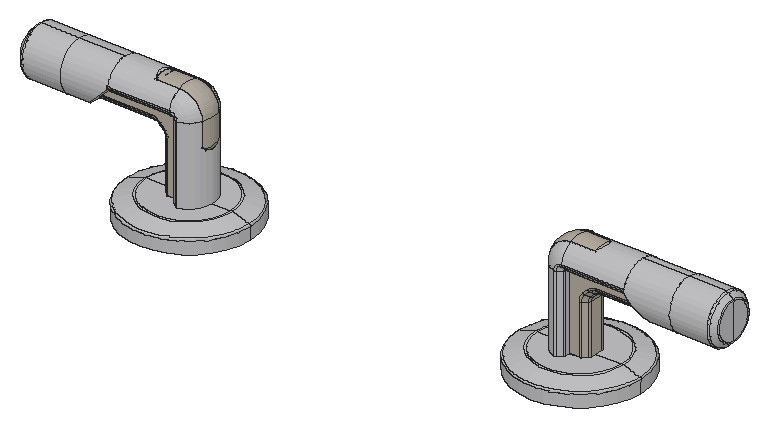
Revit family "Faucet-Wall_Mount-Handle-KALLISTA-Vice-P34587-1", category Plumbing Fixtures, host Face, Revit 2021
Family settings
  Host = Face
  Round Connector Dimension = Use Diameter
  Part Type = Normal
  OmniClass Number = 23.31.11.00
  OmniClass Title = Faucets
  Cut with Voids When Loaded = No
  Shared = No
  Room Calculation Point = No
Parameters (values of type "Brushed Bronze, CP-Chrome")
  Width = Faucet Hole Spacing  # 203.200 mm
  WaterSense Certified = 1 = 0  # no
  Waste Water Outlet = "Waste Water Outlet"  # constant formula
  Waste Connection = 1 = 0  # no
  Vent Connection = 1 = 0  # no
  URL = "https://www.kallista.com/"
  Type = 1
  Secondary Finish = Kallista-Plastic-BV-Brushed_Bronze
  Product Page URL = ""
  Product Name = "Vice"  # constant formula
  Product Documentation Link = ""
  Pressure = 0.00 psi
  Model = if(Type = 1, "P34587-BV-CP", if(Type = 2, "P34587-CP-CP", if(Type = 3, "P34587-BN-SN", if(Type = 4, "P34587-BAF-AF", if(Type = 5, "P34587-BN-BGP", "NA")))))  # "P34587-BV-CP"
  Material = "Premium Metal Construction"  # constant formula
  Master Format 2014 Name = "Residential Faucets, Supplies, and Trim"  # constant formula
  Master Format 2014 = "22 41 39"  # constant formula
  Manufacturer Address = "444 Highland Dr, Kohler, WI 53044"  # constant formula
  Manufacturer = "Kallista Co."  # constant formula
  Length = 63.200 mm  # constant formula
  Hot Water Inlet = "Hot Water Inlet"  # constant formula
  Height = 64.000 mm  # constant formula
  Handle Clearance = 80.000 mm  # constant formula
  HW Connection = 1 = 1  # yes
  Flow Rate = 0 GPM
  Finish = Kallista-Metal-CP-Chrome
  Faucet Hole Spacing = 203.200 mm  # constant formula
  Environmental Product Declaration = ""
  Drain Included = 1 = 0  # no
  Description = "Wall Mount Bath Faucet Handles, Lavatory"  # constant formula
  Default Elevation = 914.400 mm
  Declare Label = ""
  Date Modified = "04/29/2024"  # constant formula
  Date Created = "04/29/2024"  # constant formula
  Copyright = "Copyright Kallista Co."  # constant formula
  Contact Us = "https://www.kallista.com/corporate/contact-us/"
  Cold Water Inlet = "Cold Water Inlet"  # constant formula
  CW Connection = 1 = 1  # yes
  Assembly Code = "D2010"
  ADA Compliant = 1 = 0  # no
Types (6, lengths in mm): name | Type | Secondary Finish | Model | Finish
  (no name) | 1 | Kallista-Plastic-BV-Brushed_Bronze | "P34587-BV-CP" | Kallista-Metal-CP-Chrome
  Brushed Bronze, CP-Chrome | 1 | Kallista-Plastic-BV-Brushed_Bronze | "P34587-BV-CP" | Kallista-Metal-CP-Chrome
  Chrome, CP-Chrome | 2 | Kallista-Metal-CP-Chrome | "P34587-CP-CP" | Kallista-Metal-CP-Chrome
  Vibrant Bruhsed Nickel, SN-Polished Nickel | 3 | Kallista-Plastic-BN-Vibrant_Brushed_Nickel | "P34587-BN-SN" | Kallista-Metal-SN-Polished_Nickel
  Brushed French Gold, AF-French Gold | 4 | Kallista-Plastic-BAF-Brushed_French_Gold | "P34587-BAF-AF" | Kallista-Metal-AF-French_Gold
  Vibrant Brushed Nickel, BGP | 5 | Kallista-Plastic-BN-Vibrant_Brushed_Nickel | "P34587-BN-BGP" | Kallista-Metal-BGP
Reference planes
  plane 1 "Center (Front/Back)": y = 0
  plane 2: z = 0
  plane 3 "Center (Left/Right)": x = 0
  plane 4: x = -101.6
  plane 5: x = 101.6
  plane 6: y = 32
  plane 7: y = -32
  plane 8: x = -181.6
  plane 9: x = -69.6
  plane 10: x = -133.6
  plane 11: y = 12.7
  plane 12: y = -12.7
  plane 13: x = 69.6
  plane 14: x = 181.6
  plane 15: x = 133.6
  plane 16: z = 63.2
  plane 17: z = 10
Dimensions and locks
  equal spacing: plane 4, plane 3 "Center (Left/Right)", plane 5  (x2)
  "Width": plane 4 to plane 5
  "Handle Clearance": plane 14 to plane 5
  "Handle Clearance": plane 8 to plane 4
  level to plane 16 = 63.200 mm
  level to plane 17 = 10.000 mm
  locked: plane 4 to plane 10 at 32
  locked: plane 9 to plane 10 at 64
  locked: plane 13 to plane 5 at 32
  locked: plane 15 to plane 13 at 64
  "Height": plane 6 to plane 7
  "Length": plane 16 to level
  plane 11 to plane 12 = 25.400 mm
  aligned and locked: plane 2 to host face
  aligned and locked: level to host face
  aligned and locked: plane 4 to nested 1
  aligned and locked: plane 1 "Center (Front/Back)" to nested 1
  aligned and locked: nested 2 to plane 5
  aligned and locked: plane 16 to nested 1
Automatic sketch dimensions
  host sketch curve to host sketch curve = 2438.400 mm  (x2)
Nested families
  nested 1: "P34587" at (-101.6, 0, 0) x (0, -1, 0) z (0, 0, 1), type "P34587"
  nested 2: "P34587" at (101.6, 0, 0) x (0, -1, 0) z (0, 0, 1), type "P34587"
Connectors
  piping at (-101.6, 0, 0), diameter 12.7, driven by "HW Connection", driven by "Hot Water Inlet"
    settings: on nested 1, index 1, connector inside diameter 24", connector length 0.000 mm, flow factor 0, pipe flow 0 GPM, pressure drop 0.00 psi, fitting loss kfactor 0, connector angle 0.00°, fixture units 0, engagement length 0.000 mm, angle of deflection 0.00°, flow configuration 0, flow direction 1, fitting loss method 0, system type 19, joint type 0, gender type 0, connector reference index -1, connector utility 1, adjustable connector no, is connector primary yes, connector description "Hot Water Inlet"
  piping at (101.6, 0, 0), diameter 12.7, driven by "CW Connection", driven by "Cold Water Inlet"
    settings: on nested 2, index 2, connector inside diameter 24", connector length 0.000 mm, flow factor 0, pipe flow 0 GPM, pressure drop 0.00 psi, fitting loss kfactor 0, connector angle 0.00°, fixture units 0, engagement length 0.000 mm, angle of deflection 0.00°, flow configuration 0, flow direction 1, fitting loss method 0, system type 20, joint type 0, gender type 0, connector reference index -1, connector utility 1, adjustable connector no, is connector primary no, connector description "Cold Water Inlet"
Definition of nested family "P34587"
  Parameters
    Secondary Finish = none
    Material = none
    Default Elevation = 0.000 mm
  Reference planes
    plane 1 "Center (Front/Back)": y = 0
    plane 2: z = 0
    plane 3 "Center (Left/Right)": x = 0
    plane 4: y = 32
    plane 5: y = -32
    plane 6: y = -80
    plane 7: z = 63.2
    plane 8: x = -32
    plane 9: x = 32
    plane 10: x = -12.7
    plane 11: x = 12.7
    plane 12: z = 10
  Forms (mm)
    Revolve 1, solid, material <- "Material", detail levels medium+fine
      sketch origin (0, 0, 0) x (0, 1, 0) y (0, 0, 1)
        loop
          line (32, 0) -> (32, 6.272)
          arc (32, 6.272) -> (31.808, 6.854) -> (31.308, 7.207) r 0.978
          line (31.308, 7.207) -> (22.671, 9.848)
          arc (22.671, 9.848) -> (22.167, 9.962) -> (21.652, 10) r 3.484
          line (21.652, 10) -> (6.509, 10) -> (6.509, 10.79) -> (0, 10.79) -> (0, 0) -> (32, 0)
        axis (0, 10.79) -> (0, 0)
      angle from 0 to 360
    Sweep 2, solid, material <- "Secondary Finish", detail levels medium+fine
      path origin (0, 0, 0) x (0, 1, 0) y (0, 0, 1)
        loop
          line (-8.792, 10.503) -> (-8.792, 36.451)
          arc (-8.792, 36.451) -> (-9.016, 37.575) -> (-9.653, 38.529) r 2.939
          line (-9.653, 38.529) -> (-12.064, 40.94)
          arc (-12.064, 40.94) -> (-12.862, 41.473) -> (-13.803, 41.66) r 2.459
          line (-13.803, 41.66) -> (-44.633, 41.66)
      profile origin (0, -29.218, 41.66) x (0, 0, -1) y (1, 0, 0)
        loop
          line (-8.858, -6.866) -> (-3.487, -6.866)
          arc (-3.487, -6.866) -> (-2.92, -6.754) -> (-2.439, -6.436) r 1.494
          line (-2.439, -6.436) -> (-0.433, -4.461)
          arc (-0.433, -4.461) -> (-0.113, -3.988) -> (0, -3.427) r 1.451
          line (0, -3.427) -> (0, 3.427)
          arc (0, 3.427) -> (-0.113, 3.988) -> (-0.433, 4.461) r 1.451
          line (-0.433, 4.461) -> (-2.439, 6.436)
          arc (-2.439, 6.436) -> (-2.92, 6.754) -> (-3.487, 6.866) r 1.494
          line (-3.487, 6.866) -> (-8.858, 6.866) -> (-8.858, -6.866)
    Extrusion 3, solid, material <- "Secondary Finish", detail levels medium+fine
      sketch origin (0, 0, 0) x (0, 1, 0) y (0, 0, 1)
        loop
          line (-6.022, 46.982) -> (-3.617, 44.576)
          arc (-3.617, 44.576) -> (-1.102, 40.849) -> (-0.164, 36.451) r 11.796
          line (-0.164, 36.451) -> (2.018, 36.451) -> (2.018, 52.033) -> (-13.803, 52.033) -> (-13.803, 50.294)
          arc (-13.803, 50.294) -> (-9.592, 49.392) -> (-6.022, 46.982) r 11.317
      from -6.866 to 6.866
    Sweep 4, solid, material <- "Material", detail levels medium+fine
      path origin (0, 0, 0) x (0, 1, 0) y (0, 0, 1)
        loop
          line (12.692, 10.503) -> (12.692, 50.2)
          arc (12.692, 50.2) -> (8.885, 59.392) -> (-0.308, 63.2) r 13
          line (-0.308, 63.2) -> (-35.308, 63.2)
      profile origin (0, 12.692, 30.351) x (0, -1, 0) y (1, 0, 0)
        loop
          arc (9.157, 12.2) -> (-0.006, -0.058) -> (9.273, -12.228) r 12.7
          arc (9.273, -12.228) -> (9.696, -12.237) -> (10.071, -12.041) r 0.85
          line (10.071, -12.041) -> (12.332, -10.005)
          arc (12.332, -10.005) -> (12.593, -9.646) -> (12.685, -9.211) r 1.069
          line (12.685, -9.211) -> (12.685, 9.259)
          arc (12.685, 9.259) -> (12.597, 9.674) -> (12.348, 10.017) r 1.02
          line (12.348, 10.017) -> (10.186, 11.964)
          arc (10.186, 11.964) -> (9.702, 12.215) -> (9.157, 12.2) r 1.086
    Extrusion 5, solid, material <- "Material", detail levels medium+fine
      sketch origin (0, 0, 0) x (1, 0, 0) y (0, 0, 1)
        loop
          circle (0.002, 50.506) r 12.7
      from 32.766 to 56.668
    Revolve 6, solid, material <- "Material", detail levels medium+fine
      sketch origin (0.002, 0, 0) x (0, 1, 0) y (0, 0, 1)
        loop
          line (-56.668, 50.506) -> (-56.668, 63.206) -> (-76.453, 63.206)
          arc (-76.453, 63.206) -> (-76.949, 63.108) -> (-77.369, 62.827) r 1.295
          line (-77.369, 62.827) -> (-79.697, 60.499)
          arc (-79.697, 60.499) -> (-79.923, 60.161) -> (-80.002, 59.762) r 1.042
          line (-80.002, 59.762) -> (-80.002, 50.506) -> (-56.668, 50.506)
        axis (-56.668, 50.506) -> (-80.002, 50.506)
      angle from 0 to 360
    Extrusion 7, void
      sketch origin (0, 0, 0) x (0, 1, 0) y (0, 0, 1)
        loop
          line (-32.667, 52.664) -> (-49.816, 35.515) -> (-27.143, 35.515) -> (-27.143, 52.664) -> (-32.667, 52.664)
      from -24.85 to 19.15
    Sweep 8, solid, material <- "Secondary Finish", detail levels medium+fine
      path origin (0, 0, 0) x (0, 1, 0) y (0, 0, 1)
        loop
          arc (-14.946, 61.722) -> (-14.027, 62.675) -> (-12.75, 63.025) r 2.5
          line (-12.75, 63.025) -> (-0.103, 63.025)
          arc (-0.103, 63.025) -> (8.796, 59.339) -> (12.483, 50.44) r 12.586
          line (12.483, 50.44) -> (12.483, 37.238)
          arc (12.483, 37.238) -> (12.063, 35.851) -> (10.944, 34.93) r 2.5
      profile origin (0, -6.427, 63.025) x (0, 0, 1) y (1, 0, 0)
        loop
          line (-1.353, 5.712) -> (-2.306, 5.712) -> (-2.306, -5.677) -> (-1.412, -5.677)
          arc (-1.412, -5.677) -> (0, 0.01) -> (-1.353, 5.712) r 12.414
    Extrusion 9, solid, material <- "Material"
      sketch origin (0, 0, 0) x (1, 0, 0) y (0, 1, 0)
        loop
          circle (0, 0) r 2
      from 0 to 0.309
    Revolve 10, solid, material <- "Material", detail levels coarse
      sketch origin (0, 0, 0) x (0, 1, 0) y (0, 0, 1)
        loop
          line (32, 0) -> (32, 6.995) -> (22.173, 10) -> (6.509, 10) -> (6.509, 10.79) -> (0, 10.79) -> (0, 0) -> (32, 0)
        axis (0, 10.79) -> (0, 0)
      angle from 0 to 360
    Extrusion 11, solid, material <- "Material", detail levels coarse
      sketch origin (0, 0, 0) x (1, 0, 0) y (0, 0, 1)
        loop
          circle (0.002, 50.506) r 12.7
      from 32.766 to 80
    Sweep 12, solid, material <- "Material", detail levels coarse
      path origin (0, 0, 0) x (0, 1, 0) y (0, 0, 1)
        loop
          line (12.246, 10.5) -> (12.246, 50.2)
          arc (12.246, 50.2) -> (8.438, 59.392) -> (-0.754, 63.2) r 13
          line (-0.754, 63.2) -> (-32.766, 63.2)
      profile origin (0, -16.76, 63.2) x (0, 0, -1) y (1, 0, 0)
        loop
          arc (12.694, 12.702) -> (-0.006, 0.002) -> (12.694, -12.698) r 12.7
          line (12.694, -12.698) -> (12.694, 12.702)
    Extrusion 13, solid, material <- "Secondary Finish", detail levels coarse
      sketch origin (0, 0, 0) x (0, 1, 0) y (0, 0, 1)
        loop
          arc (-13.803, 41.66) -> (-12.862, 41.473) -> (-12.064, 40.94) r 2.459
          line (-12.064, 40.94) -> (-9.653, 38.529)
          arc (-9.653, 38.529) -> (-9.016, 37.575) -> (-8.792, 36.451) r 2.939
          line (-8.792, 36.451) -> (-8.792, 10.5) -> (-0.448, 10.5) -> (-0.448, 50.506) -> (-43.989, 50.506) -> (-43.989, 41.66) -> (-13.803, 41.66)
      from -6.866 to 6.866
    Extrusion 14, void
      sketch origin (0, 0, 0) x (0, 1, 0) y (0, 0, 1)
        loop
          line (-34.824, 50.506) -> (-51.973, 33.357) -> (-27.143, 33.357) -> (-27.143, 50.506) -> (-34.824, 50.506)
      from 17.706 to -17.554
    Sweep 15, void
      path origin (0, -0.312, -0.312) x (0, 1, 0) y (0, 0, 1)
        loop
          arc (-15.285, 63.878) -> (-12.689, 62.077) -> (-9.594, 61.443) r 7.868
          line (-9.594, 61.443) -> (-0.142, 61.443)
          arc (-0.142, 61.443) -> (7.718, 58.188) -> (10.973, 50.328) r 11.115
          line (10.973, 50.328) -> (10.973, 40.956)
          arc (10.973, 40.956) -> (11.535, 37.861) -> (13.147, 35.161) r 8.812
      profile origin (0, -5.18, 61.131) x (0, 0, 1) y (1, 0, 0)
        loop
          line (0, 5.712) -> (0, -5.677) -> (2.435, -5.677) -> (2.435, 5.712) -> (0, 5.712)
    Sweep 16, void
      path origin (0, 0.001, -0.013) x (0, 1, 0) y (0, 0, 1)
        loop
          arc (-15.285, 63.878) -> (-12.689, 62.077) -> (-9.594, 61.443) r 7.868
          line (-9.594, 61.443) -> (-0.142, 61.443)
          arc (-0.142, 61.443) -> (7.718, 58.188) -> (10.973, 50.328) r 11.115
          line (10.973, 50.328) -> (10.973, 40.956)
          arc (10.973, 40.956) -> (11.535, 37.861) -> (13.147, 35.161) r 8.812
      profile origin (0, -4.867, 61.43) x (0, 0, 1) y (1, 0, 0)
        loop
          line (0, 5.712) -> (0, -5.677) -> (1.916, -5.677) -> (1.916, 5.712) -> (0, 5.712)
    Sweep 17, solid, material <- "Secondary Finish", detail levels coarse
      path origin (0, -0.312, 0) x (0, 1, 0) y (0, 0, 1)
        loop
          arc (-14.946, 61.722) -> (-14.027, 62.675) -> (-12.75, 63.025) r 2.5
          line (-12.75, 63.025) -> (-0.103, 63.025)
          arc (-0.103, 63.025) -> (8.796, 59.339) -> (12.483, 50.44) r 12.586
          line (12.483, 50.44) -> (12.483, 37.238)
          arc (12.483, 37.238) -> (12.063, 35.851) -> (10.944, 34.93) r 2.5
      profile origin (0, -6.739, 63.025) x (0, 0, 1) y (1, 0, 0)
        loop
          line (-1.353, 5.712) -> (-2.306, 5.712) -> (-2.306, -5.677) -> (-1.412, -5.677)
          arc (-1.412, -5.677) -> (0, 0.01) -> (-1.353, 5.712) r 12.414
    Extrusion 18, void
      sketch origin (0, 0, 0) x (0, 1, 0) y (0, 0, 1)
        loop
          line (-32.715, 52.615) -> (-50.961, 52.615) -> (-50.961, 34.369) -> (-32.715, 52.615)
      from -16.798 to 18.134
  Cuts and joins
    Extrusion 18 cuts Sweep 2
    joined: Sweep 2, Extrusion 3
    Sweep 16 cuts Sweep 4
    Extrusion 7 cuts Extrusion 5
    joined: Revolve 1, Sweep 4, Extrusion 5, Revolve 6
    Extrusion 14 cuts Extrusion 11
    Sweep 15 cuts Sweep 12
    joined: Revolve 10, Extrusion 11, Sweep 12
    Extrusion 18 cuts Extrusion 13
    joined: Extrusion 13, Sweep 17
  Lines and regions (mm)
    Masking region 1
      outline origin (0, 0, 0) x (1, 0, 0) y (0, 1, 0)
        loop
          arc (-12.7, -76.551) -> (-12.612, -76.986) -> (-12.363, -77.353) r 1.121
          line (-12.363, -77.353) -> (-10.02, -79.695)
          arc (-10.02, -79.695) -> (-9.683, -79.921) -> (-9.285, -80) r 1.04
          line (-9.285, -80) -> (9.285, -80)
          arc (9.285, -80) -> (9.683, -79.921) -> (10.02, -79.695) r 1.04
          line (10.02, -79.695) -> (12.363, -77.353)
          arc (12.363, -77.353) -> (12.612, -76.986) -> (12.7, -76.551) r 1.121
          line (12.7, -76.551) -> (12.7, -35.196)
          arc (12.7, -35.196) -> (12.431, -33.081) -> (12.254, -30.956) r 49.01
          line (12.254, -30.956) -> (12.254, -29.561)
          arc (12.254, -29.561) -> (26.609, -17.775) -> (32, -0.001) r 32
          arc (32, -0.001) -> (22.64, 22.615) -> (0.034, 32) r 32
          arc (0.034, 32) -> (-22.63, 22.625) -> (-32, -0.04) r 32
          arc (-32, -0.04) -> (-26.598, -17.791) -> (-12.254, -29.561) r 32
          line (-12.254, -29.561) -> (-12.254, -30.956)
          arc (-12.254, -30.956) -> (-12.431, -33.081) -> (-12.7, -35.196) r 49.01
          line (-12.7, -35.196) -> (-12.7, -76.551)
    Masking region 2
      outline origin (0, 0, 0) x (1, 0, 0) y (0, 0, 1)
        loop
          line (-32, 0) -> (0, 0) -> (32, 0) -> (32, 6.29)
          arc (32, 6.29) -> (31.824, 6.828) -> (31.363, 7.158) r 0.909
          line (31.363, 7.158) -> (22.672, 9.797)
          arc (22.672, 9.797) -> (21.996, 9.949) -> (21.305, 10) r 4.704
          line (21.305, 10) -> (7.024, 10) -> (7.664, 10.5) -> (11.746, 10.5)
          arc (11.746, 10.5) -> (12.099, 10.646) -> (12.246, 11) r 0.5
          line (12.246, 11) -> (12.246, 47.247)
          arc (12.246, 47.247) -> (0, 63.2) -> (-12.246, 47.247) r 12.676
          line (-12.246, 47.247) -> (-12.246, 11)
          arc (-12.246, 11) -> (-12.099, 10.646) -> (-11.746, 10.5) r 0.5
          line (-11.746, 10.5) -> (-7.664, 10.5) -> (-7.024, 10) -> (-21.305, 10)
          arc (-21.305, 10) -> (-21.996, 9.949) -> (-22.672, 9.797) r 4.704
          line (-22.672, 9.797) -> (-31.363, 7.158)
          arc (-31.363, 7.158) -> (-31.824, 6.828) -> (-32, 6.29) r 0.909
          line (-32, 6.29) -> (-32, 0)
    Masking region 3
      outline origin (0, 0, 0) x (0, 1, 0) y (0, 0, 1)
        loop
          line (-14.712, 63.2) -> (-76.568, 63.2)
          arc (-76.568, 63.2) -> (-76.99, 63.116) -> (-77.349, 62.876) r 1.105
          line (-77.349, 62.876) -> (-79.638, 60.587)
          arc (-79.638, 60.587) -> (-79.906, 60.186) -> (-80, 59.713) r 1.235
          line (-80, 59.713) -> (-80, 41.29)
          arc (-80, 41.29) -> (-79.906, 40.817) -> (-79.638, 40.416) r 1.235
          line (-79.638, 40.416) -> (-77.349, 38.127)
          arc (-77.349, 38.127) -> (-77.026, 37.903) -> (-76.645, 37.806) r 1.105
          line (-76.645, 37.806) -> (-48.295, 37.806)
          arc (-48.295, 37.806) -> (-47.77, 37.908) -> (-47.321, 38.199) r 1.403
          line (-47.321, 38.199) -> (-41.992, 43.343) -> (-42.807, 42.528)
          arc (-42.807, 42.528) -> (-42.915, 41.985) -> (-42.454, 41.678) r 0.498
          line (-42.454, 41.678) -> (-13.89, 41.678)
          arc (-13.89, 41.678) -> (-12.904, 41.481) -> (-12.068, 40.923) r 2.577
          line (-12.068, 40.923) -> (-9.601, 38.457)
          arc (-9.601, 38.457) -> (-9.027, 37.597) -> (-8.825, 36.583) r 2.65
          line (-8.825, 36.583) -> (-8.825, 11.007)
          arc (-8.825, 11.007) -> (-8.68, 10.654) -> (-8.328, 10.509) r 0.498
          line (-8.328, 10.509) -> (-7.534, 10.509) -> (-6.692, 10) -> (-21.375, 10)
          arc (-21.375, 10) -> (-22.021, 9.953) -> (-22.653, 9.812) r 4.434
          line (-22.653, 9.812) -> (-31.322, 7.201)
          arc (-31.322, 7.201) -> (-31.812, 6.857) -> (-32, 6.289) r 0.953
          line (-32, 6.289) -> (-32, 0) -> (32, 0) -> (32, 6.23)
          arc (32, 6.23) -> (31.786, 6.874) -> (31.229, 7.261) r 1.075
          line (31.229, 7.261) -> (22.466, 9.843)
          arc (22.466, 9.843) -> (21.927, 9.96) -> (21.376, 10) r 3.858
          line (21.376, 10) -> (6.991, 10) -> (7.691, 10.509) -> (12.192, 10.509)
          arc (12.192, 10.509) -> (12.546, 10.655) -> (12.692, 11.009) r 0.5
          line (12.692, 11.009) -> (12.692, 35.755)
          arc (12.692, 35.755) -> (12.408, 36.242) -> (12.005, 36.635) r 2.096
          arc (12.005, 36.635) -> (12.354, 36.819) -> (12.493, 37.188) r 0.558
          line (12.493, 37.188) -> (12.493, 50.588)
          arc (12.493, 50.588) -> (8.858, 59.363) -> (0.082, 62.998) r 12.411
          line (0.082, 62.998) -> (-13.233, 62.998)
          arc (-13.233, 62.998) -> (-13.634, 62.869) -> (-13.886, 62.531) r 0.689
          arc (-13.886, 62.531) -> (-14.254, 62.921) -> (-14.712, 63.2) r 2.008
    symbolic lines, detail levels medium+fine
      curve 1: line (-12.254, -29.561, 0) -> (-12.254, 3.392, 0)
      curve 2: line (12.254, -29.561, 0) -> (12.254, 3.107, 0)
      curve 3: arc (-12.254, 3.392, 0) -> (-10.1, 7.661, 0) -> (-6.521, 10.831, 0) r 12.703
      curve 4: line (-6.521, -10.057, 0) -> (-6.521, 10.831, 0)
      curve 5: line (6.487, -10.317, 0) -> (6.487, 10.804, 0)
      curve 6: line (-2.012, -14.565, 0) -> (2.239, -14.565, 0)
      curve 7: arc (-2.012, -14.565, 0) -> (-5.201, -13.245, 0) -> (-6.521, -10.057, 0) r 4.509
      curve 8: arc (2.239, -14.565, 0) -> (5.243, -13.321, 0) -> (6.487, -10.317, 0) r 4.249
      curve 9: line (-5.807, -10.171, 0) -> (-5.807, 10.371, 0)
      curve 10: line (-1.819, -14.159, 0) -> (1.819, -14.159, 0)
      curve 11: arc (-1.819, -14.159, 0) -> (-4.639, -12.991, 0) -> (-5.807, -10.171, 0) r 3.988
      curve 12: line (5.807, -10.171, 0) -> (5.807, 10.371, 0)
      curve 13: arc (1.819, -14.159, 0) -> (4.639, -12.991, 0) -> (5.807, -10.171, 0) r 3.988
      curve 14: arc (-6.521, 10.831, 0) -> (-0.013, 12.609, 0) -> (6.487, 10.804, 0) r 12.703
      curve 15: arc (-5.807, 10.371, 0) -> (-6.039, 10.796, 0) -> (-6.521, 10.831, 0) r 0.505
      curve 16: arc (6.487, 10.804, 0) -> (10.128, 7.522, 0) -> (12.254, 3.107, 0) r 12.703
      curve 17: arc (5.807, 10.371, 0) -> (6.028, 10.774, 0) -> (6.487, 10.804, 0) r 0.478
      curve 18: line (-5.707, 10.816, 0) -> (-5.707, -10.028, 0)
      curve 19: line (-1.954, -13.781, 0) -> (1.954, -13.781, 0)
      curve 20: arc (-5.707, -10.028, 0) -> (-4.608, -12.682, 0) -> (-1.954, -13.781, 0) r 3.753
      curve 21: line (5.707, 10.816, 0) -> (5.707, -10.028, 0)
      curve 22: arc (5.707, -10.028, 0) -> (4.608, -12.682, 0) -> (1.954, -13.781, 0) r 3.753
      curve 23: arc (-5.707, 10.816, 0) -> (-5.626, 11.091, 0) -> (-5.41, 11.278, 0) r 0.509
      curve 24: line (-5.41, 11.278, 0) -> (-5.41, -9.952, 0)
      curve 25: arc (5.707, 10.816, 0) -> (5.626, 11.091, 0) -> (5.41, 11.278, 0) r 0.509
      curve 26: line (5.41, 11.278, 0) -> (5.41, -9.929, 0)
      curve 27: line (-2.138, -13.224, 0) -> (2.115, -13.224, 0)
      curve 28: arc (-5.41, -9.952, 0) -> (-4.451, -12.266, 0) -> (-2.138, -13.224, 0) r 3.272
      curve 29: arc (2.115, -13.224, 0) -> (4.445, -12.259, 0) -> (5.41, -9.929, 0) r 3.295
      curve 30: line (-12.7, -76.551, 0) -> (12.7, -76.551, 0)
      curve 31: line (12.363, -77.353, 0) -> (-12.363, -77.353, 0)
      curve 32: line (-10.02, -79.695, 0) -> (10.02, -79.695, 0)
      curve 33: arc (12.254, -28.726, 0) -> (0, 31.231, 0) -> (-12.254, -28.726, 0) r 31.231
      curve 34: arc (12.254, -17.35, 0) -> (0, 21.241, 0) -> (-12.254, -17.35, 0) r 21.241
      curve 35: arc (12.254, -19.13, 0) -> (0, 22.719, 0) -> (-12.254, -19.13, 0) r 22.719
      curve 36: line (-7.024, 0, 10) -> (7.024, 0, 10)
      curve 37: line (7.664, 0, 10.5) -> (-7.664, 0, 10.5)
      curve 38: line (-12.246, 0, 11) -> (12.246, 0, 11)
      curve 39: line (-22.672, 0, 9.797) -> (22.672, 0, 9.797)
      curve 40: line (31.363, 0, 7.158) -> (-31.363, 0, 7.158)
      curve 41: line (-32, 0, 6.29) -> (32, 0, 6.29)
      curve 42: arc (-12.246, 0, 47.247) -> (0, 0, 37.847) -> (12.246, 0, 47.247) r 12.676
      curve 43: circle (-0.004, 0, 50.502) r 10 normal (0, -1, 0)
      curve 44: circle (-0.004, 0, 50.502) r 12.272 normal (0, -1, 0)
      curve 45: circle (-0.004, 0, 50.502) r 9.178 normal (0, -1, 0)
      curve 46: line (-7.161, 0, 40.063) -> (-6.78, 0, 11)
      curve 47: line (-6.304, 0, 11) -> (-6.649, 0, 39.731)
      curve 48: line (-4.383, 0, 36.601) -> (4.389, 0, 36.601)
      curve 49: line (-4.383, 0, 36.601) -> (-6.624, 0, 37.646)
      curve 50: line (4.389, 0, 36.601) -> (6.624, 0, 37.643)
      curve 51: line (-4.383, 0, 11) -> (-4.383, 0, 38.629)
      curve 52: line (-3.488, 0, 11) -> (-3.488, 0, 38.337)
      curve 53: line (3.446, 0, 11) -> (3.446, 0, 38.325)
      curve 54: line (4.389, 0, 11) -> (4.389, 0, 38.631)
      curve 55: line (7.161, 0, 40.063) -> (6.78, 0, 11)
      curve 56: line (6.304, 0, 11) -> (6.649, 0, 39.731)
      curve 57: arc (-6.041, 0, 10.5) -> (-6.233, 0, 10.718) -> (-6.304, 0, 11) r 0.621
      curve 58: arc (-6.78, 0, 11) -> (-6.724, 0, 10.73) -> (-6.571, 0, 10.5) r 0.727
      curve 59: arc (6.041, 0, 10.5) -> (6.233, 0, 10.718) -> (6.304, 0, 11) r 0.621
      curve 60: arc (6.78, 0, 11) -> (6.724, 0, 10.73) -> (6.571, 0, 10.5) r 0.727
      curve 61: arc (-3.337, 0, 10.5) -> (-3.449, 0, 10.739) -> (-3.488, 0, 11) r 0.903
      curve 62: arc (-4.14, 0, 10.5) -> (-4.319, 0, 10.722) -> (-4.383, 0, 11) r 0.636
      curve 63: arc (3.337, 0, 10.5) -> (3.449, 0, 10.739) -> (3.488, 0, 11) r 0.903
      curve 64: arc (4.14, 0, 10.5) -> (4.319, 0, 10.722) -> (4.383, 0, 11) r 0.636
      curve 65: line (0, -79.638, 40.416) -> (0, -79.638, 60.587)
      curve 66: line (0, -76.568, 63.2) -> (0, -76.568, 37.803)
      curve 67: line (0, -77.349, 38.127) -> (0, -77.349, 62.876)
      curve 68: line (0, 7.691, 10.509) -> (0, -7.534, 10.509)
      curve 69: line (0, -6.692, 10) -> (0, 6.991, 10)
      curve 70: line (0, -22.653, 9.812) -> (0, 22.572, 9.812)
      curve 71: line (0, -31.322, 7.201) -> (0, 31.433, 7.201)
      curve 72: line (0, 32, 6.23) -> (0, -31.998, 6.23)
      curve 73: line (0, -2.768, 50.5) -> (0, -33.759, 50.5)
      curve 74: line (0, -41.992, 43.343) -> (0, -35.596, 49.738)
      curve 75: line (0, 0, 47.732) -> (0, 0, 11.007)
      curve 76: arc (0, 0, 47.732) -> (0, -0.811, 49.689) -> (0, -2.768, 50.5) r 2.768
      curve 77: arc (0, -35.596, 49.738) -> (0, -34.753, 50.302) -> (0, -33.759, 50.5) r 2.598
      curve 78: line (0, -48.295, 37.806) -> (0, -35.505, 49.964)
      curve 79: line (0, -33.088, 50.962) -> (0, -2.71, 50.962)
      curve 80: line (0, 0.419, 47.833) -> (0, 0.738, 10.509)
      curve 81: arc (0, -2.71, 50.962) -> (0, -0.497, 50.046) -> (0, 0.419, 47.833) r 3.129
      curve 82: arc (0, -35.505, 49.964) -> (0, -34.395, 50.703) -> (0, -33.088, 50.962) r 3.425
      curve 83: line (0, 10.892, 40.873) -> (0, 10.892, 50.476)
      curve 84: line (0, -9.637, 61.41) -> (0, -0.042, 61.41)
      curve 85: arc (0, -0.042, 61.41) -> (0, 7.69, 58.208) -> (0, 10.892, 50.476) r 10.934
      curve 86: line (0, -9.816, 61.783) -> (0, 0.046, 61.783)
      curve 87: line (0, 11.283, 50.547) -> (0, 11.283, 40.655)
      curve 88: arc (0, 11.283, 40.655) -> (0, 11.594, 38.819) -> (0, 12.493, 37.188) r 5.572
      curve 89: arc (0, 12.005, 36.635) -> (0, 11.175, 38.682) -> (0, 10.892, 40.873) r 8.627
      curve 90: arc (0, -13.886, 62.531) -> (0, -11.834, 61.695) -> (0, -9.637, 61.41) r 8.618
      curve 91: arc (0, -13.233, 62.998) -> (0, -11.629, 62.096) -> (0, -9.816, 61.783) r 5.412
      curve 92: arc (0, 0.046, 61.783) -> (0, 7.992, 58.492) -> (0, 11.283, 50.547) r 11.237
      curve 93: line (0, -12.976, 45.259) -> (0, -39.843, 44.884)
      curve 94: line (0, -40.344, 43.941) -> (0, -12.487, 44.295)
      curve 95: line (0, -6.173, 37.869) -> (0, -6.498, 11.007)
      curve 96: line (0, -5.627, 11.007) -> (0, -5.272, 37.803)
      curve 97: line (0, -6.226, 40.151) -> (0, -10.21, 44.135)
      curve 98: arc (0, -10.21, 44.135) -> (0, -11.48, 44.977) -> (0, -12.976, 45.259) r 3.836
      curve 99: arc (0, -5.272, 37.803) -> (0, -5.511, 39.074) -> (0, -6.226, 40.151) r 3.259
      curve 100: line (0, -6.835, 39.495) -> (0, -11.048, 43.708)
      curve 101: arc (0, -12.487, 44.295) -> (0, -11.709, 44.147) -> (0, -11.048, 43.708) r 2.005
      curve 102: arc (0, -6.173, 37.869) -> (0, -6.34, 38.749) -> (0, -6.835, 39.495) r 2.262
      curve 103: line (0, -42.454, 41.678) -> (0, -40.344, 43.941)
      curve 104: arc (0, -40.344, 43.941) -> (0, -40.031, 44.379) -> (0, -39.843, 44.884) r 2.058
      curve 105: line (0, -39.843, 44.884) -> (0, -35.612, 49.114)
      curve 106: line (0, -2.894, 49.992) -> (0, -33.493, 49.992)
      curve 107: line (0, -0.738, 10.509) -> (0, -0.543, 47.64)
      curve 108: arc (0, -0.543, 47.64) -> (0, -1.232, 49.303) -> (0, -2.894, 49.992) r 2.352
      curve 109: arc (0, -33.493, 49.992) -> (0, -34.64, 49.764) -> (0, -35.612, 49.114) r 2.996
      curve 110: line (0, -8.825, 11.007) -> (0, 12.692, 11.007)
      curve 111: arc (0, 0, 11.007) -> (0, 0.27, 10.61) -> (0, 0.738, 10.509) r 0.646
      curve 112: arc (0, 0, 11.007) -> (0, -0.27, 10.61) -> (0, -0.738, 10.509) r 0.646
      curve 113: arc (0, -6.498, 11.007) -> (0, -6.463, 10.747) -> (0, -6.354, 10.509) r 0.895
      curve 114: arc (0, -5.237, 10.509) -> (0, -5.52, 10.689) -> (0, -5.627, 11.007) r 0.504
      curve 115: line (0, -42.095, 42.063) -> (0, -13.781, 42.063)
      curve 116: line (0, -9.234, 38.618) -> (0, -11.901, 41.284)
      curve 117: line (0, -8.432, 36.68) -> (0, -8.432, 11.007)
      curve 118: arc (0, -8.432, 11.007) -> (0, -8.356, 10.72) -> (0, -8.147, 10.509) r 0.578
      curve 119: arc (0, -8.432, 36.68) -> (0, -8.64, 37.729) -> (0, -9.234, 38.618) r 2.74
      curve 120: arc (0, -13.781, 42.063) -> (0, -12.763, 41.86) -> (0, -11.901, 41.284) r 2.659
      curve 121: arc (0, -42.807, 42.528) -> (0, -42.52, 42.19) -> (0, -42.095, 42.063) r 0.777
      curve 122: line (0, -34.16, 52.391) -> (0, -41.9, 43.885)
      curve 123: line (0, -30.355, 54.021) -> (0, 0.197, 54.021)
      curve 124: line (0, 2.586, 50.664) -> (0, 2.586, 11.007)
      curve 125: line (0, 0.151, 53.099) -> (0, -30.896, 53.099)
      curve 126: arc (0, -34.16, 52.391) -> (0, -32.425, 53.596) -> (0, -30.355, 54.021) r 5.256
      curve 127: line (0, -35.505, 49.964) -> (0, -33.41, 52.058)
      curve 128: arc (0, -30.896, 53.099) -> (0, -32.257, 52.829) -> (0, -33.41, 52.058) r 3.555
      curve 129: arc (0, 2.586, 50.664) -> (0, 1.873, 52.386) -> (0, 0.151, 53.099) r 2.435
      curve 130: line (0, 3.502, 50.716) -> (0, 3.502, 11.007)
      curve 131: arc (0, 0.197, 54.021) -> (0, 2.534, 53.053) -> (0, 3.502, 50.716) r 3.305
      curve 132: arc (0, 3.502, 11.007) -> (0, 3.454, 10.741) -> (0, 3.317, 10.509) r 0.761
      curve 133: arc (0, 2.586, 11.007) -> (0, 2.634, 10.741) -> (0, 2.771, 10.509) r 0.763
      curve 134: arc (5.41, 11.278, 0) -> (0, 12.463, 0) -> (-5.41, 11.278, 0) r 12.941
  Dimensions and locks
    plane 7 to level = 63.200 mm
    plane 4 to plane 5 = 64.000 mm
    plane 10 to plane 11 = 25.400 mm
    plane 8 to plane 9 = 64.000 mm
    plane 5 to plane 4 = 64.000 mm
    plane 6 to plane 1 "Center (Front/Back)" = 80.000 mm
    plane 12 to level = 10.000 mm
    aligned and locked: plane 2 to level
    aligned and locked: Revolve 6 sketch curve to Revolve 6 sketch curve
    aligned and locked: Revolve 6 to Extrusion 5
